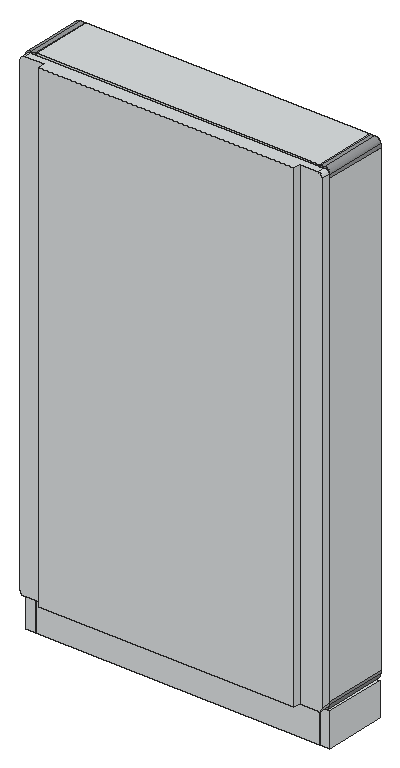
Revit family "Legrand Coffret XL³ 800 Métal", category Equipement électrique, Revit 2020
Family settings
  Configuration du panneau = Deux colonnes, circuits au sein
  Cote de connecteur circulaire = Utiliser le diamètre
  Type d'élément = Tableau de raccordement
  Numéro OmniClass = 23.80.30.11.17
  Titre OmniClass = Distribution Boards and Control Panels
  Basée sur le plan de construction = Non
  Toujours verticalement = Oui
  Couper avec des vides une fois chargée = Non
  Partagée = Non
  Point de calcul de pièce = Non
Parameters (values of type "020408-021258")
  built-in parameter 1140140 [instance] = 1 (stored number, unit not read)
  profondeur zone d'installation = 1330 mm
  Matière coin = "Plastique"  # constant formula
  Matière = "Acier"  # constant formula
  Largeur zone d'installation = 2360 mm
  Hauteur zone d'installation = [Hauteur totale (mm)]  # 1550 mm
  zone d'installation [instance] = yes
  URL = "https://www.legrand.fr/"
  profondeur (mm) = 230 mm
  Conditions Générale d'Utilisation = "https://export.legrand.com/CGU-objets-BIM"
  Armoires = not(Coffrets)  # yes
  Coffrets = no
  plan zone d'installation = if(not(Armoires), 5 mm, 0 mm)  # 0 mm
  niveau Coffret = if(not(Armoires), 0 mm, 100 mm)  # 100 mm
  Modèle = "XL³ 800"
  Largeur (mm) = 910 mm
  IPK (kA) = "50"
  IN max (A) = "800"
  ICW (jusqu'à) (kA) = "25"
  IP sans porte = "30"
  IP avec porte = "43"
  IK sans porte = "07"
  IK avec porte = "08"
  Hauteur totale (mm) = 1550 mm
  Hauteur = if(not(Armoires), [Hauteur totale (mm)], [Hauteur totale (mm)] - 100 mm)  # 1450 mm
  Finition = "Peinture époxipolyester déposée par poudrage électrostatique"
  Fabricant = "Legrand"  # constant formula
  RAL = "7035"
  Elévation par défaut = 0 mm
  built-in parameter 1140142 [instance] = -1
  built-in parameter 1155100 [instance] = -1
Types (9, lengths in mm): name | Hauteur zone d'installation | Armoires | Coffrets | plan zone d'installation | niveau Coffret | Largeur (mm) | Hauteur totale (mm) | Hauteur
  (no name) | 1050 | no | yes | 5 | 0 | 660 | 1050 | 1050
  020401-021251 | 1050 | no | yes | 5 | 0 | 660 | 1050 | 1050
  020404-021254 | 1950 | yes | no | 0 | 100 | 660 | 1950 | 1850
  020402-021252 | 1250 | no | yes | 5 | 0 | 660 | 1250 | 1250
  020406-021256 | 1050 | no | yes | 5 | 0 | 910 | 1050 | 1050
  020407-021257 | 1250 | no | yes | 5 | 0 | 910 | 1250 | 1250
  020403-021253 | 1550 | yes | no | 0 | 100 | 660 | 1550 | 1450
  020408-021258 | 1550 | yes | no | 0 | 100 | 910 | 1550 | 1450
  020409-021259 | 1950 | yes | no | 0 | 100 | 910 | 1950 | 1850
Reference planes
  plane 1 "Centre (avant/arrière)": y = 0
  plane 2: z = 0
  plane 3 "Centre (gauche/droite)": x = 0
  plane 4: y = 115
  plane 5: y = -115
  plane 6: x = -455
  plane 7: x = 455
  plane 8: z = 1550
  plane 9: z = 825
  plane 10: x = -425
  plane 11: z = 1525
  plane 12: z = 1533.5
  plane 13: x = -438.5
  plane 14: z = 1545
  plane 15: z = 105
  plane 16: x = 450
  plane 17: x = -450
  plane 18: y = 114
  plane 19: y = -72
  plane 20: z = 1546
  plane 21: x = 451
  plane 22: z = 104
  plane 23: x = -451
  plane 24: x = 440
  plane 25: x = -430
  plane 26: x = -425
  plane 27: x = 425
  plane 28: y = -42
  plane 29: y = 84
  plane 30: z = 0
  plane 31 "Niveau coffret": z = 100
  plane 32: z = 117
  plane 33: x = -271
  plane 34: z = 125
  plane 35: x = -382
  plane 36: x = 382
  plane 37: y = -96
Forms (mm)
  Extrusion 1, solid, material "IDS_PLASTIQUE"
    sketch origin (0, 0, 0) x (1, 0, 0) y (0, 0, 1)
      loop
        line (-455, 1525) -> (-425, 1525) -> (-425, 1550) -> (-438.5, 1550)
        arc (-438.5, 1550) -> (-450.167, 1545.167) -> (-455, 1533.5) r 16.5
        line (-455, 1533.5) -> (-455, 1525)
      loop
        line (455, 1525) -> (455, 1533.5)
        arc (455, 1533.5) -> (450.167, 1545.167) -> (438.5, 1550) r 16.5
        line (438.5, 1550) -> (425, 1550) -> (425, 1525) -> (455, 1525)
      loop
        line (-455, 125) -> (-455, 116.5)
        arc (-455, 116.5) -> (-450.167, 104.833) -> (-438.5, 100) r 16.5
        line (-438.5, 100) -> (-425, 100) -> (-425, 125) -> (-455, 125)
      loop
        line (455, 125) -> (425, 125) -> (425, 100) -> (438.5, 100)
        arc (438.5, 100) -> (450.167, 104.833) -> (455, 116.5) r 16.5
        line (455, 116.5) -> (455, 125)
    from -115 to 72
  Extrusion 2, solid, material "IDS_ACIER"
    sketch origin (0, 0, 0) x (1, 0, 0) y (0, 0, 1)
      loop
        line (-425, 1550) -> (-425, 1525) -> (425, 1525) -> (425, 1550) -> (-425, 1550)
      loop
        line (-425, 100) -> (425, 100) -> (425, 125) -> (-425, 125) -> (-425, 100)
    from -115 to 72
  Extrusion 3, solid, material "IDS_ACIER"
    sketch origin (0, 0, 0) x (1, 0, 0) y (0, 0, 1)
      loop
        line (-455, 1525) -> (-455, 125) -> (-425, 125) -> (-425, 1525) -> (-455, 1525)
      loop
        line (455, 1525) -> (425, 1525) -> (425, 125) -> (455, 125) -> (455, 1525)
    from -115 to 72
  Extrusion 4, solid, material "IDS_ACIER"
    sketch origin (0, 0, 0) x (1, 0, 0) y (0, 0, 1)
      loop
        line (-450, 1545) -> (-450, 105) -> (450, 105) -> (450, 1545) -> (-450, 1545)
    from -115 to -114
  Extrusion 5, solid, material "IDS_ACIER"
    sketch origin (0, 0, 0) x (1, 0, 0) y (0, 0, 1)
      loop
        line (-451, 1533.5) -> (-451, 116.5)
        arc (-451, 116.5) -> (-447.339, 107.661) -> (-438.5, 104) r 12.5
        line (-438.5, 104) -> (438.5, 104)
        arc (438.5, 104) -> (447.339, 107.661) -> (451, 116.5) r 12.5
        line (451, 116.5) -> (451, 1533.5)
        arc (451, 1533.5) -> (447.339, 1542.339) -> (438.5, 1546) r 12.5
        line (438.5, 1546) -> (-438.5, 1546)
        arc (-438.5, 1546) -> (-447.339, 1542.339) -> (-451, 1533.5) r 12.5
    from 72 to 96
  Extrusion 6, solid, material "IDS_ACIER", visible <- "Armoires"
    sketch origin (0, 0, 0) x (1, 0, 0) y (0, 1, 0)
      loop
        line (-455, 114) -> (-455, -72) -> (-425, -72) -> (-425, 114) -> (-455, 114)
      loop
        line (455, 114) -> (425, 114) -> (425, -72) -> (455, -72) -> (455, 114)
    from 0 to 100
  Extrusion 7, solid, material "IDS_ACIER", visible <- "Armoires"
    sketch origin (0, 0, 0) x (1, 0, 0) y (0, 1, 0)
      loop
        line (-425, -42) -> (-425, -72) -> (425, -72) -> (425, -42) -> (-425, -42)
      loop
        line (-425, 114) -> (-425, 84) -> (425, 84) -> (425, 114) -> (-425, 114)
    from 0 to 100
  Extrusion 8, solid, material "IDS_ACIER"
    sketch origin (0, 0, 0) x (1, 0, 0) y (0, 1, 0)
      loop
        line (-382, -96) -> (-382, -115) -> (382, -115) -> (382, -96) -> (-382, -96)
    from 104 to 1546
Cuts and joins
  joined: Extrusion 2, Extrusion 3, Extrusion 4
  joined: Extrusion 5, Extrusion 8
Dimensions and locks
  equal spacing: plane 6, plane 3 "Centre (gauche/droite)", plane 7
  equal spacing: plane 4, plane 1 "Centre (avant/arrière)", plane 5
  "Largeur (mm)": plane 6 to plane 7
  "profondeur (mm)": plane 4 to plane 5
  locked: plane 10 to plane 6 at 30
  locked: plane 8 to plane 11 at 25
  locked: plane 13 to plane 6 at 16.5
  locked: plane 8 to plane 12 at 16.5
  locked: plane 8 to plane 14 at 5
  locked: plane 17 to plane 6 at 5
  locked: plane 7 to plane 16 at 5
  locked: plane 18 to plane 4 at 1
  locked: plane 5 to plane 19 at 43
  locked: plane 7 to plane 21 at 4
  equal spacing: plane 21, plane 3 "Centre (gauche/droite)", plane 23
  locked: plane 7 to plane 24 at 15
  locked: plane 25 to plane 6 at 25
  locked: plane 6 to plane 26 at 30
  equal spacing: plane 26, plane 3 "Centre (gauche/droite)", plane 27
  locked: plane 28 to plane 19 at 30
  locked: plane 18 to plane 29 at 30
  "plan zone d'installation": plane 30 to plane 2
  "niveau Coffret": plane 31 "Niveau coffret" to plane 2
  "Hauteur": plane 8 to plane 31 "Niveau coffret"
  locked: plane 22 to plane 31 "Niveau coffret" at 4
  equal spacing: plane 8, plane 9, plane 31 "Niveau coffret"
  equal spacing: plane 20, plane 9, plane 22
  locked: plane 15 to plane 31 "Niveau coffret" at 5
  locked: plane 34 to plane 31 "Niveau coffret" at 25
  locked: plane 32 to plane 31 "Niveau coffret" at 17
  locked: plane 6 to plane 35 at 73
  locked: plane 5 to plane 37 at 19
  locked: plane 36 to plane 7 at 73
  aligned and locked: level to plane 2
  aligned and locked: plane 11 to Extrusion 1 sketch curve
  aligned and locked: Extrusion 1 sketch curve to plane 10
  aligned and locked: plane 6 to Extrusion 1 sketch curve
  aligned and locked: plane 4 to Extrusion 1
  aligned and locked: Extrusion 2 sketch curve to plane 8
  aligned and locked: Extrusion 2 sketch curve to Extrusion 1  (x3)
  aligned and locked: plane 4 to Extrusion 2
  aligned and locked: plane 6 to Extrusion 3 sketch curve
  aligned and locked: Extrusion 3 sketch curve to Extrusion 1  (x2)
  aligned and locked: plane 4 to Extrusion 3
  aligned and locked: Extrusion 4 sketch curve to plane 14
  aligned and locked: plane 17 to Extrusion 4 sketch curve
  aligned and locked: Extrusion 4 sketch curve to plane 15
  aligned and locked: Extrusion 4 sketch curve to plane 16
  aligned and locked: plane 4 to Extrusion 4
  aligned and locked: Extrusion 1 to plane 19
  aligned and locked: Extrusion 1 to Extrusion 3
  aligned and locked: Extrusion 2 to Extrusion 1
  aligned and locked: Extrusion 5 sketch curve to plane 20
  aligned and locked: plane 23 to Extrusion 5 sketch curve
  aligned and locked: Extrusion 5 sketch curve to plane 22
  aligned and locked: Extrusion 5 sketch curve to plane 21
  aligned and locked: plane 19 to Extrusion 5
  aligned and locked: cut or joined group of Extrusion 2, Extrusion 3, Extrusion 4 to plane 18
  aligned and locked: plane 19 to Extrusion 6 sketch curve
  aligned and locked: Extrusion 6 sketch curve to plane 26
  aligned and locked: plane 6 to Extrusion 6 sketch curve
  aligned and locked: plane 7 to Extrusion 6 sketch curve
  aligned and locked: Extrusion 6 sketch curve to plane 27
  aligned and locked: Extrusion 6 sketch curve to plane 19
  aligned and locked: plane 18 to Extrusion 6 sketch curve
  aligned and locked: Extrusion 6 sketch curve to plane 18
  aligned and locked: plane 19 to Extrusion 7 sketch curve
  aligned and locked: Extrusion 7 sketch curve to plane 28
  aligned and locked: Extrusion 7 sketch curve to plane 29
  aligned and locked: Extrusion 7 sketch curve to plane 18
  aligned and locked: Extrusion 7 sketch curve to cut or joined group of Extrusion 2, Extrusion 3, Extrusion 4  (x4)
  aligned and locked: cut or joined group of Extrusion 2, Extrusion 3, Extrusion 4 to Extrusion 3 sketch curve
  aligned and locked: plane 34 to Extrusion 1 sketch curve
  aligned and locked: plane 10 to Extrusion 1 sketch curve
  aligned and locked: Extrusion 1 sketch curve to plane 31 "Niveau coffret"
  aligned and locked: Extrusion 1 sketch curve to plane 6
  aligned and locked: Extrusion 1 sketch curve to plane 13
  aligned and locked: plane 31 "Niveau coffret" to Extrusion 7
  aligned and locked: plane 31 "Niveau coffret" to Extrusion 6
  aligned and locked: Extrusion 7 to plane 30
  aligned and locked: Extrusion 6 to plane 30
  aligned and locked: plane 35 to Extrusion 8 sketch curve
  aligned and locked: Extrusion 8 sketch curve to plane 36
  aligned and locked: Extrusion 5 to plane 37
  aligned and locked: Extrusion 8 sketch curve to plane 37
  aligned and locked: Extrusion 8 sketch curve to plane 5
  aligned and locked: Extrusion 5 to Extrusion 8  (x2)
Automatic sketch dimensions
  plane 6 to Extrusion 5 sketch curve = 16.5 mm
  Extrusion 5 sketch curve to Extrusion 5 sketch curve = 12.5 mm
  Extrusion 5 sketch curve to plane 7 = 16.5 mm  (x2)
  Extrusion 1 sketch curve to plane 8 = 0 mm  (x2)
  Extrusion 1 sketch curve to plane 13 = 0 mm
  Extrusion 1 sketch curve to plane 34 = 0 mm
  Extrusion 1 sketch curve to plane 31 "Niveau coffret" = 0 mm
  Extrusion 1 sketch curve to plane 11 = 0 mm
  Extrusion 1 sketch curve to plane 12 = 0 mm
  Extrusion 1 sketch curve to plane 7 = 0 mm  (x2)
  Extrusion 1 sketch curve to Extrusion 1 sketch curve = 13.5 mm
  Extrusion 1 sketch curve to plane 24 = 15 mm
  plane 32 to Extrusion 1 sketch curve = 0.5 mm
  Extrusion 2 sketch curve to plane 31 "Niveau coffret" = 0 mm
  plane 25 to Extrusion 2 sketch curve = 5 mm
  Extrusion 2 sketch curve to plane 24 = 15 mm
  plane 31 "Niveau coffret" to Extrusion 2 sketch curve = 25 mm
  Extrusion 3 sketch curve to plane 7 = 0 mm
  Extrusion 3 sketch curve to plane 24 = 15 mm
  plane 31 "Niveau coffret" to Extrusion 3 sketch curve = 25 mm  (x2)
  Extrusion 3 sketch curve to plane 8 = 25 mm
Connectors
  electrical at (0, 115, 825)
    settings: on cut or joined group of Extrusion 2, Extrusion 3, Extrusion 4, index 1, voltage 0 V, apparent load 0 VA, apparent load phase1 0 VA, apparent load phase2 0 VA, apparent load phase3 0 VA, power factor 1, load classification "Autre", number of poles 1, system type 31, power factor state 1, is connector primary yes, connector utility no, sub classification motor no, connector description ""
